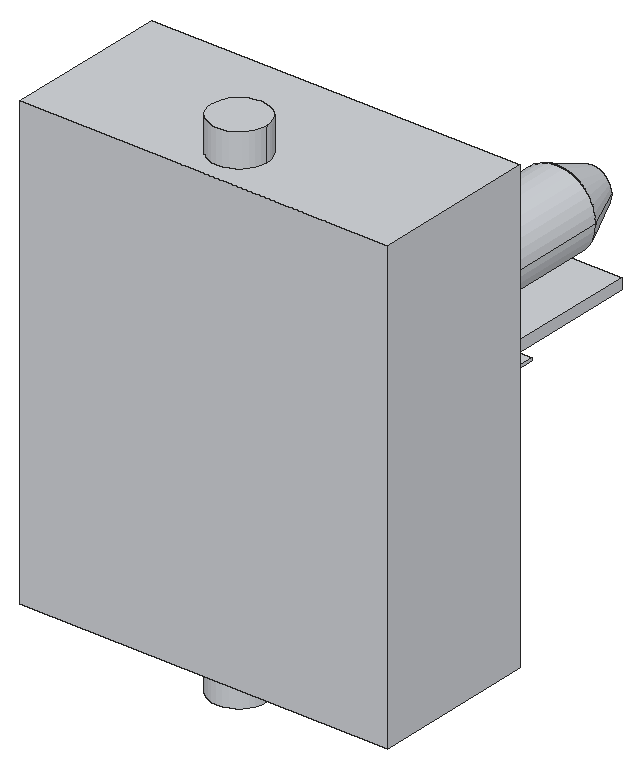
Revit family "M_Aquecedor de unidade - Vapor", category Equipamento mecânico, Revit 2019
Family settings
  Cota do conector redondo = Usar raio
  Tipo de parte = Normal
  Número OmniClass = 23.75.70.17.34
  Título OmniClass = Unit Heaters
  ID de item do Seek = Unit Heater - Steam-0000-CAN-ENU
  Com base no plano de trabalho = Não
  Sempre na vertical = Sim
  Corte com vazios quando carregada = Não
  Compartilhado = Não
  Ponto de cálculo do ambiente = Não
Parameters (values of type "235 LPS")
  Voltagem = 115 V
  Queda de pressão = 0.0 Pa
  Número de pólos = 1
  Raio do motor 2 = Diâmetro do motor 2 / 2  # 22.5 mm
  Raio do motor 1 = Diâmetro do motor 1 / 2  # 45 mm
  Classificação de carga = Aquecimento
  Altura 1 = Diâmetro do motor 1 / 2  # 45 mm
  Material da unidade do aquecedor = none
  Comprimento do meio aquecedor = Comprimento do aquecedor / 2  # 212.5 mm
  HP = "1/25"
  Altura da grelha = 300 mm
  Raio da saída = 20 mm
  Diâmetro da saída = Raio da saída * 2  # 40 mm
  Raio da embocadura = 20 mm
  Diâmetro da embocadura = Raio da embocadura * 2  # 40 mm
  Largura do motor = 230 mm
  Diâmetro do motor 2 = (Diâmetro do motor 1) * 0.5  # 45 mm
  Diâmetro do motor 1 = 90 mm
  Largura do aquecedor = 190 mm
  Comprimento do aquecedor = 425 mm
  Altura do aquecedor = 520 mm
  Fluxo = 0.0 L/s
  Largura da placa = Diâmetro do motor 1 / 2 + 30 mm  # 75 mm
  Comprimento da lâmina = 130 mm
  Seta [instance] = yes
  Número da matriz = (Altura do aquecedor - 200 mm) / 50 mm  # 6
  Carga aparente = 125 VA
  Raio da entrada de ar = Diâmetro da entrada de ar / 2  # 167.5 mm
  Diâmetro da entrada de ar = Comprimento da lâmina * 2 + 75 mm  # 335 mm
Types (6, lengths in mm): name | Raio do motor 2 | Raio do motor 1 | Altura 1 | Comprimento do meio aquecedor | HP | Altura da grelha | Raio da saída | Diâmetro da saída | Raio da embocadura | Diâmetro da embocadura | Largura do motor | Diâmetro do motor 2 | Diâmetro do motor 1 | Largura do aquecedor | Comprimento do aquecedor | Altura do aquecedor | Largura da placa | Comprimento da lâmina | Número da matriz | Carga aparente | Raio da entrada de ar | Diâmetro da entrada de ar
  (no name) | 22.5 | 45 | 45 | 212.5 | "1/25" | 300 | 20 | 40 | 20 | 40 | 230 | 45 | 90 | 190 | 425 | 520 | 75 | 130 | 6 | 125 VA | 167.5 | 335
  235 LPS | 22.5 | 45 | 45 | 212.5 | "1/25" | 300 | 20 | 40 | 20 | 40 | 230 | 45 | 90 | 190 | 425 | 520 | 75 | 130 | 6 | 125 VA | 167.5 | 335
  940 LPS | 53.75 | 107.5 | 107.5 | 290 | "1/3" | 460 | 20 | 40 | 20 | 40 | 300 | 107.5 | 215 | 235 | 580 | 670 | 137.5 | 170 | 9 | 500 VA | 207.5 | 415
  1410 LPS | 60 | 120 | 120 | 325 | "1/3" | 508 | 20 | 40 | 20 | 40 | 335 | 120 | 240 | 235 | 650 | 750 | 150 | 190 | 11 | 500 VA | 227.5 | 455
  2350 LPS | 65 | 130 | 130 | 400 | "1/3" | 610 | 20 | 40 | 20 | 40 | 370 | 130 | 260 | 235 | 800 | 820 | 160 | 210 | 12 | 800 VA | 247.5 | 495
  3760 LPS | 85 | 170 | 170 | 517.5 | "1 1/2" | 815 | 32.5 | 65 | 32.5 | 65 | 475 | 170 | 340 | 250 | 1035 | 1055 | 200 | 265 | 17 | 1000 VA | 302.5 | 605
Reference planes
  plane 1 "Centro (Frente/Trás)": y = 0
  plane 2: z = 0
  plane 3 "Centro (Esquerda/Direita)": x = 0
  plane 4: x = -212.5
  plane 5: x = 212.5
  plane 6: y = 190
  plane 7 "Centro para círculo": z = 260
  plane 8: z = 520
  plane 9: z = 258.412
  plane 10: z = 261.587
  plane 11: y = 278.9
  plane 12: y = 50.8
  plane 13: z = 558.1
  plane 14: y = 508.9
  plane 15: y = 559.7
  plane 16: x = -75
  plane 17: x = 75
  plane 18: z = 215
  plane 19: z = 202.3
  plane 20: z = -38.1
  plane 21: z = 418.4
  plane 22: x = -152.175
  plane 23: x = 152.175
  plane 24: z = 366.713
  plane 25 "1": x = 155.575
  plane 26: z = 234.6
  plane 27: z = 285.4
  plane 28: z = 415.4
  plane 29: z = 104.6
  plane 30: x = -155.575
  plane 31: z = 118.4
  plane 32: z = 393.4
  plane 33: z = 368.4
  plane 34: z = 343.4
  plane 35: z = 318.4
  plane 36: z = 293.4
  plane 37: z = 262.731
  plane 38: z = 237.331
  plane 39: z = 268.4
  plane 40: z = 243.4
  plane 41: z = 218.4
  plane 42: z = 193.4
  plane 43: z = 168.4
  plane 44: z = 143.4
  plane 45: y = -50.8
  plane 46: y = -107.95
  plane 47: y = -114.3
  plane 48: y = -127
  plane 49: y = -133.35
  plane 50: y = -190.5
  plane 51: y = -254
  plane 52: z = 127
  plane 53: y = 95
  plane 54: x = -210.912
  plane 55: x = -43.25
  plane 56: x = 0
  plane 57: x = -19.05
  plane 58: x = 19.05
  plane 59: x = -12.7
  plane 60: x = 12.7
Forms (mm)
  Extrusion 1, solid, material <- "Material da unidade do aquecedor"
    sketch origin (420.855, 178.642, 0) x (1, 0, 0) y (0, 1, 0)
      loop
        line (-633.355, -178.642) -> (-208.355, -178.642) -> (-208.355, 11.358) -> (-633.355, 11.358) -> (-633.355, -178.642)
    from 0 to 520
  Extrusion 2, solid, material <- "Material da unidade do aquecedor", detail levels fine
    sketch origin (0, 0, 0) x (1, 0, 0) y (0, 0, 1)
      loop
        circle (0, 260) r 25.4
    from -278.9 to -190
  Extrusion 3, solid, material <- "Material da unidade do aquecedor", detail levels fine
    sketch origin (0, 0, 0) x (1, 0, 0) y (0, 1, 0)
      loop
        line (25.4, 190) -> (155.575, 190) -> (155.575, 278.9) -> (25.4, 278.9) -> (25.4, 190)
    from 258.412 to 261.587
  Extrusion 4, solid, material <- "Material da unidade do aquecedor"
    sketch origin (0, 0, 0) x (1, 0, 0) y (0, 1, 0)
      loop
        circle (0, 50.8) r 31.75
    from 520 to 558.1
  Extrusion 5, solid, material <- "Material da unidade do aquecedor", detail levels fine
    sketch origin (0, 0, 0) x (1, 0, 0) y (0, 0, 1)
      loop
        circle (0, 260) r 45
    from -508.9 to -278.9
  Blend 6, solid, material <- "Material da unidade do aquecedor", detail levels fine
    base sketch origin (0, 0, 0) x (1, 0, 0) y (0, 0, 1)
      loop
        circle (0, 260) r 22.5
    top sketch origin (0, 0, 0) x (1, 0, 0) y (0, 0, 1)
      loop
        circle (0, 260) r 45
    from -559.7 to -508.9
  Extrusion 7, solid, material <- "Material da unidade do aquecedor", detail levels fine
    sketch origin (0, 0, 0) x (1, 0, 0) y (0, 1, 0)
      loop
        line (-75, 278.9) -> (75, 278.9) -> (75, 508.9) -> (-75, 508.9) -> (-75, 278.9)
    from 202.3 to 215
  Extrusion 8, solid, material <- "Material da unidade do aquecedor"
    sketch origin (381, 0, 0) x (1, 0, 0) y (0, 1, 0)
      loop
        circle (-381, 50.8) r 31.75
    from -38.1 to 0
  Extrusion 9, solid, material <- "Material da unidade do aquecedor", detail levels fine
    sketch origin (259.556, 0, 259.556) x (0, 0, 1) y (0, 1, 0)
      loop
        line (25.844, 190) -> (155.844, 190) -> (155.844, 278.9) -> (25.844, 278.9) -> (25.844, 190)
    from 257.969 to 261.144
  Extrusion 10, solid, material <- "Material da unidade do aquecedor", detail levels fine
    sketch origin (0, 0, 0) x (-1, 0, 0) y (0, -1, 0)
      loop
        line (24.2, -190) -> (24.2, -278.9) -> (155.575, -278.9) -> (155.575, -190) -> (24.2, -190)
    from 258.412 to 261.587
  Extrusion 11, solid, material <- "Material da unidade do aquecedor", detail levels fine
    sketch origin (259.556, 0, 259.556) x (0, 0, -1) y (0, -1, 0)
      loop
        line (24.956, -190) -> (24.956, -278.9) -> (154.956, -278.9) -> (154.956, -190) -> (24.956, -190)
    from 257.969 to 261.144
  Extrusion 12, solid, material <- "Material da unidade do aquecedor", detail levels coarse+medium
    sketch origin (0, 0, 0) x (1, 0, 0) y (0, 0, 1)
      loop
        circle (0, 260) r 167.5
    from -559.7 to -190
  Extrusion 13, solid
    sketch origin (0, 0, 0) x (0, 1, 0) y (0, 0, 1)
      loop
        circle (95, 127) r 25.4
    from -212.5 to -210.913
Lines and regions (mm)
  model lines, detail levels fine
    curve 1: line (-152.175, 0, 418.4) -> (152.175, 0, 418.4)
    curve 2: line (-152.175, 0, 418.4) -> (-152.175, 0, 118.4)
    curve 3: line (152.175, 0, 418.4) -> (152.175, 0, 118.4)
    curve 4: line (-152.175, 0, 393.4) -> (152.175, 0, 393.4)
    curve 5: line (-152.175, 0, 368.4) -> (152.175, 0, 368.4)
    curve 6: line (-152.175, 0, 343.4) -> (152.175, 0, 343.4)
    curve 7: line (152.175, 0, 318.4) -> (-152.175, 0, 318.4)
    curve 8: line (152.175, 0, 293.4) -> (-152.175, 0, 293.4)
    curve 9: line (152.175, 0, 268.4) -> (-152.175, 0, 268.4)
    curve 10: line (152.175, 0, 243.4) -> (-152.175, 0, 243.4)
    curve 11: line (-152.175, 0, 218.4) -> (152.175, 0, 218.4)
    curve 12: line (152.175, 0, 193.4) -> (-152.175, 0, 193.4)
    curve 13: line (152.175, 0, 168.4) -> (-152.175, 0, 168.4)
    curve 14: line (152.175, 0, 143.4) -> (-152.175, 0, 143.4)
    curve 15: line (152.175, 0, 118.4) -> (-152.175, 0, 118.4)
  symbolic lines, visible <- "Seta", detail levels coarse+medium
    curve 16: line (0, -50.8, 0) -> (0, -107.95, 0)
    curve 17: line (0, -107.95, 0) -> (19.05, -114.3, 0)
    curve 18: line (19.05, -114.3, 0) -> (-19.05, -127, 0)
    curve 19: line (-19.05, -127, 0) -> (0, -133.35, 0)
    curve 20: line (0, -133.35, 0) -> (0, -190.5, 0)
    curve 21: line (-12.7, -190.5, 0) -> (12.7, -190.5, 0)
    curve 22: line (12.7, -190.5, 0) -> (0, -254, 0)
    curve 23: line (-12.7, -190.5, 0) -> (0, -254, 0)
Dimensions and locks
  equal spacing: level, plane 7 "Centro para círculo", plane 8
  "Comprimento do aquecedor": plane 4 to plane 5
  "Comprimento do meio aquecedor": plane 4 to plane 3 "Centro (Esquerda/Direita)"
  "Comprimento do meio aquecedor": plane 3 "Centro (Esquerda/Direita)" to plane 5
  "Largura do aquecedor": plane 1 "Centro (Frente/Trás)" to plane 6
  locked: plane 13 to plane 8 at 38.1
  locked: plane 6 to plane 11 at 88.9
  locked: plane 1 "Centro (Frente/Trás)" to plane 12 at 50.8
  locked: plane 14 to plane 15 at 50.8
  "Largura da placa": plane 16 to plane 3 "Centro (Esquerda/Direita)"
  "Largura da placa": plane 3 "Centro (Esquerda/Direita)" to plane 17
  "Altura do aquecedor": level to plane 8
  locked: plane 7 "Centro para círculo" to plane 10 at 1.587
  locked: plane 9 to plane 7 "Centro para círculo" at 1.588
  "Altura 1": plane 18 to plane 7 "Centro para círculo"
  locked: plane 19 to plane 18 at 12.7
  plane 8 to plane 13 = 38.1 mm
  locked: plane 22 to plane 4 at 60.325
  locked: plane 8 to plane 21 at 101.6
  locked: plane 5 to plane 23 at 60.325
  locked: plane 20 to level at 38.1
  "Comprimento da lâmina": plane 27 to plane 28
  "Comprimento da lâmina": plane 29 to plane 26
  locked: Extrusion 11 to plane 3 "Centro (Esquerda/Direita)" at 1.587
  locked: plane 3 "Centro (Esquerda/Direita)" to Extrusion 11 at 1.587
  locked: plane 7 "Centro para círculo" to plane 27 at 25.4
  locked: plane 26 to plane 7 "Centro para círculo" at 25.4
  level to plane 20 = 38.1 mm
  "Largura do motor": plane 11 to plane 14
  "Altura da grelha": plane 21 to plane 31
  equal spacing: plane 21, plane 32, plane 33, plane 34, plane 35, plane 36, plane 39, plane 40, plane 41, plane 42, plane 43, plane 44, plane 31
  plane 45 to plane 1 "Centro (Frente/Trás)" = 50.8 mm
  plane 46 to plane 45 = 57.15 mm
  plane 51 to plane 50 to plane 49 to plane 48 to plane 47 to plane 46 = 63.5 mm, 57.15 mm, 6.35 mm, 12.7 mm, 6.35 mm
  equal spacing: plane 6, plane 53, plane 1 "Centro (Frente/Trás)"
  locked: plane 52 to plane 2 at 127
  locked: plane 4 to plane 54 at 1.588
  plane 16 to plane 55 = 31.75 mm
  plane 57 to plane 56 to plane 58 = 19.05 mm, 19.05 mm
  plane 59 to plane 56 to plane 60 = 12.7 mm, 12.7 mm
  "Raio do motor 2": radius of Blend 6 sketch curve
  "Raio do motor 1": radius of Extrusion 5 sketch curve
  "Raio do motor 1": radius of Blend 6 sketch curve
  "Raio da entrada de ar": radius of Extrusion 12 sketch curve
  radius of Extrusion 4 = 31.75 mm
  radius of Extrusion 2 = 25.4 mm
  aligned and locked: Extrusion 1 to plane 6
  aligned and locked: plane 5 to Extrusion 1
  aligned and locked: Extrusion 1 to plane 4
  aligned and locked: plane 8 to Extrusion 1
  aligned and locked: plane 7 "Centro para círculo" to Extrusion 2 sketch curve
  aligned and locked: plane 3 "Centro (Esquerda/Direita)" to Extrusion 2 sketch curve
  aligned and locked: plane 6 to Extrusion 2
  aligned and locked: plane 6 to Extrusion 3
  aligned and locked: plane 10 to Extrusion 3
  aligned and locked: Extrusion 3 to plane 9
  aligned and locked: plane 1 "Centro (Frente/Trás)" to Extrusion 1
  aligned and locked: Extrusion 2 to plane 11
  aligned and locked: Extrusion 3 to plane 11
  aligned and locked: plane 12 to Extrusion 4 sketch curve
  aligned and locked: plane 3 "Centro (Esquerda/Direita)" to Extrusion 4 sketch curve
  aligned and locked: plane 13 to Extrusion 4
  aligned and locked: Extrusion 4 to plane 8
  aligned and locked: plane 7 "Centro para círculo" to Extrusion 5 sketch curve
  aligned and locked: plane 3 "Centro (Esquerda/Direita)" to Extrusion 5 sketch curve
  aligned and locked: Extrusion 5 to plane 14
  aligned and locked: plane 11 to Extrusion 5
  aligned and locked: plane 3 "Centro (Esquerda/Direita)" to Blend 6 sketch curve  (x2)
  aligned and locked: plane 7 "Centro para círculo" to Blend 6 sketch curve  (x2)
  aligned and locked: Blend 6 to plane 15
  aligned and locked: plane 14 to Blend 6
  aligned and locked: Extrusion 7 to plane 16
  aligned and locked: plane 17 to Extrusion 7
  aligned and locked: plane 11 to Extrusion 7
  aligned and locked: Extrusion 7 to plane 14
  aligned and locked: plane 18 to Extrusion 7
  aligned and locked: Extrusion 7 to plane 19
  aligned and locked: Extrusion 8 to plane 20
  aligned and locked: level to Extrusion 8
  aligned and locked: plane 3 "Centro (Esquerda/Direita)" to Extrusion 8 sketch curve
  aligned and locked: plane 12 to Extrusion 8 sketch curve
  aligned and locked: plane 25 "1" to Extrusion 3
  aligned and locked: Extrusion 12 to plane 15
  aligned and locked: plane 6 to Extrusion 12
  aligned and locked: plane 7 "Centro para círculo" to Extrusion 12 sketch curve
  aligned and locked: plane 3 "Centro (Esquerda/Direita)" to Extrusion 12 sketch curve
  aligned and locked: Extrusion 9 to plane 27  (x2)
  aligned and locked: plane 26 to Extrusion 11  (x4)
  aligned and locked: Extrusion 11 to plane 29
  aligned and locked: Extrusion 10 to plane 30
  aligned and locked: plane 28 to Extrusion 9
  aligned and locked: plane 10 to Extrusion 10
  aligned and locked: Extrusion 10 to plane 9
  aligned and locked: Extrusion 1 to level
  aligned and locked: plane 6 to Extrusion 11
  aligned and locked: plane 6 to Extrusion 9
  aligned and locked: curve 1 to plane 21
  aligned and locked: plane 31 to curve 2
  aligned and locked: plane 21 to curve 3
  aligned and locked: curve 4 to plane 32
  aligned and locked: curve 5 to plane 33
  aligned and locked: curve 6 to plane 34
  aligned and locked: curve 7 to plane 35
  aligned and locked: plane 22 to curve 7
  aligned and locked: curve 8 to plane 36
  aligned and locked: curve 9 to plane 39
  aligned and locked: curve 10 to plane 40
  aligned and locked: plane 41 to curve 11
  aligned and locked: curve 12 to plane 42
  aligned and locked: curve 14 to plane 44
  aligned and locked: curve 15 to plane 31
  aligned and locked: plane 22 to curve 8
  aligned and locked: plane 23 to curve 13
  aligned and locked: plane 23 to curve 15
  aligned and locked: Extrusion 13 to plane 4
  aligned and locked: plane 54 to Extrusion 13
  aligned and locked: plane 50 to curve 21
  aligned and locked: plane 60 to curve 22
  aligned and locked: plane 59 to curve 23
  aligned and locked: plane 51 to curve 23
  aligned and locked: plane 56 to curve 23
  aligned and locked: curve 16 to plane 56
  aligned and locked: curve 20 to plane 56
  aligned and locked: plane 57 to curve 19
  aligned and locked: plane 58 to curve 18
  aligned and locked: plane 46 to curve 16
Automatic sketch dimensions
  curve 13 to plane 43 = 0 mm
  Extrusion 1 sketch curve to plane 4 = 0 mm
  Extrusion 1 sketch curve to plane 5 = 0 mm
  Extrusion 1 sketch curve to plane 1 "Centro (Frente/Trás)" = 0 mm
  Extrusion 1 sketch curve to plane 6 = 0 mm
  Extrusion 3 sketch curve to plane 11 = 0 mm
  Extrusion 3 sketch curve to plane 25 "1" = 0 mm
  Extrusion 3 sketch curve to plane 6 = 0 mm
  Extrusion 7 sketch curve to plane 14 = 0 mm
  Extrusion 7 sketch curve to plane 16 = 0 mm
  Extrusion 7 sketch curve to plane 17 = 0 mm
  Extrusion 7 sketch curve to plane 11 = 0 mm
  Extrusion 9 sketch curve to plane 11 = 0 mm
  Extrusion 9 sketch curve to plane 27 = 0 mm
  Extrusion 9 sketch curve to plane 28 = 0 mm
  Extrusion 9 sketch curve to plane 6 = 0 mm
  Extrusion 10 sketch curve to plane 11 = 0 mm
  Extrusion 10 sketch curve to plane 30 = 0 mm
  Extrusion 10 sketch curve to plane 6 = 0 mm
  Extrusion 11 sketch curve to plane 11 = 0 mm
  Extrusion 11 sketch curve to plane 26 = 0 mm
  Extrusion 11 sketch curve to plane 29 = 0 mm
  Extrusion 11 sketch curve to plane 6 = 0 mm
  Extrusion 13 sketch curve to plane 52 = 0 mm
  Extrusion 13 sketch curve to plane 53 = 0 mm
  Extrusion 10 sketch curve to plane 55 = 19.05 mm
  plane 3 "Centro (Esquerda/Direita)" to Extrusion 3 sketch curve = 25.4 mm
  curve 19 to plane 48 = 0 mm
  curve 17 to plane 47 = 0 mm
  curve 19 to plane 49 = 0 mm
  curve 16 to plane 45 = 0 mm
  radius of Extrusion 2 sketch curve = 25.4 mm
  radius of Extrusion 8 sketch curve = 31.75 mm
  radius of Extrusion 13 sketch curve = 25.4 mm
  radius of Extrusion 4 sketch curve = 31.75 mm
Connectors
  piping at (0, 50.8, 558.1), diameter 40, driven by "Raio da embocadura", driven by "Fluxo"
    settings: on Extrusion 4, index 1, connector inside diameter 40 mm, connector length 0 mm, flow factor 0, pipe flow 0.0 L/s, pressure drop 0.0 Pa, fitting loss kfactor 0, connector angle 0.00°, fixture units 0, engagement length 0 mm, angle of deflection 0.00°, flow configuration 1, flow direction 1, fitting loss method 4, system type 22, joint type 0, gender type 0, connector reference index 2, connector utility 0, adjustable connector no, is connector primary yes, connector description "Entrada de fluxo"
  piping at (0, 50.8, -38.1), diameter 40, driven by "Raio da saída", driven by "Fluxo", driven by "Queda de pressão"
    settings: on Extrusion 8, index 2, connector inside diameter 40 mm, connector length 0 mm, flow factor 0, pipe flow 0.0 L/s, pressure drop 0.0 Pa, fitting loss kfactor 0, connector angle 0.00°, fixture units 0, engagement length 0 mm, angle of deflection 0.00°, flow configuration 1, flow direction 2, fitting loss method 4, system type 22, joint type 0, gender type 0, connector reference index 1, connector utility 0, adjustable connector no, is connector primary no, connector description "Saída de fluxo"
  electrical at (-212.5, 95, 127), driven by "Voltagem", driven by "Número de pólos", driven by "Carga aparente", driven by "Classificação de carga"
    settings: on Extrusion 13, index 3, voltage 115 V, apparent load 125 VA, apparent load phase1 0 VA, apparent load phase2 0 VA, apparent load phase3 0 VA, power factor 0.8, load classification "Aquecimento", number of poles 1, system type 30, power factor state 1, is connector primary yes, connector utility no, sub classification motor no, connector description ""
